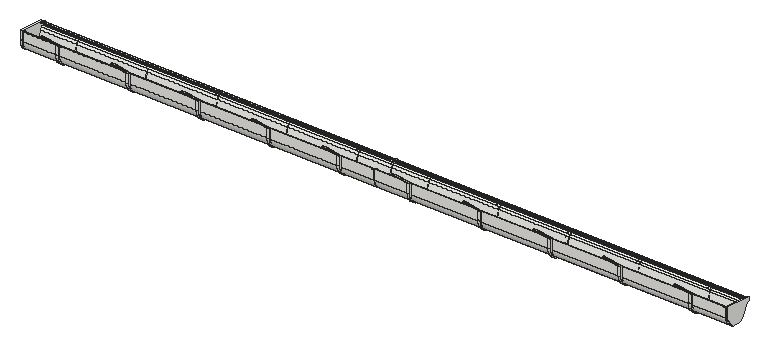
Revit family "NLRS_27_GM_LIB_HR18_MR", category Generic Models, Revit 2017
Family settings
  Can host rebar = No
  Round Connector Dimension = Use Diameter
  Part Type = Normal
  Cut with Voids When Loaded = No
  Shared = No
  Room Calculation Point = No
Parameters (values of type "WIT AC 1382 ≈ RAL 9016")
  start_afstand_beugel [instance] = if([built-in parameter 1001306] < 780 mm, ([built-in parameter 1001306] / 3), 250 mm)  # 250 mm
  set_beugeltype = HR18 - beugel_G : HR18 - beugel_G
  Verstek_Diepte [instance] = 180 mm  # constant formula
  URL = "https://www.meilofriks.nl/"
  Set_Condition_L = Goot_profiel_GM_LIB_L_H_eind : Goot_profiel_GM_LIB_L_H_eind
  Set_Condition_R = Goot_profiel_GM_LIB_R_H_eind : Goot_profiel_GM_LIB_R_H_eind
  NLRS_type_R [instance] = Goot_profiel_GM_LIB_R_H_eind : Goot_profiel_GM_LIB_R_H_eind
  NLRS_type_L [instance] = Goot_profiel_GM_LIB_L_H_eind : Goot_profiel_GM_LIB_L_H_eind
  NLRS_C_materiaal = RAL 9016
  NLRS_C_lengte [instance] = [built-in parameter 1001306] + Lengte_L + Lengte_R  # 5000 mm
  NLRS_C_content_datum_uitgifte = "21-12-2018"  # constant formula
  NLRS_C_content_creator = "KPMS"  # constant formula
  NLRS_C_afstand [instance] = 500 mm
  NLRS_C_aantal [instance] = aantal beugels  # 10
  Model = "HR18"  # constant formula
  Manufacturer = "Meilof Riks"  # constant formula
  Lengte_R [instance] = if(Eind_schot_R, 0 mm, Verstek_Diepte)  # 0 mm
  Lengte_L [instance] = if(Eind_schot_L, 0 mm, Verstek_Diepte)  # 0 mm
  Kleur = "wit (AC1382)"
  IfcExportType = ""
  IfcExportAs = "IfcFlowSegment"
  Graden beugel [instance] = 90.00° - Dakhelling  # 50.00°
  min_hoh_afstand [instance] = if([built-in parameter 1001306] < 780 mm, [built-in parameter 1001306] / 3, 510 mm)  # 510 mm
  aantal beugels [instance] = (([built-in parameter 1001306] - start_afstand_beugel * 2) / min_hoh_afstand) + 1  # 10
  built-in parameter 1001306 [instance] = 5000 mm
  Eind_schot_R [instance] = Set_Condition_L = NLRS_type_L  # yes
  Eind_schot_L [instance] = Set_Condition_R = NLRS_type_R  # yes
  Description = "Beugel goot type HR18"  # constant formula
  Dakhelling [instance] = 40.00°
  Beugel_type [instance] = HR18 - beugel_G : HR18 - beugel_G
  Beugel [instance] = if(Beugel_type = set_beugeltype, "Type HR18, G-beugels", "Type HR18, R-beugels")  # "Type HR18, G-beugels"
  Assembly Code = "27.16"
Types (5, lengths in mm): name | NLRS_C_materiaal | Kleur | IfcExportAs
  RAL 7016 | RAL 7016 | "antraciet (RAL7016)" | "IfcFlowSegment\r\nIfcFlowSegment\r\nIfcFlowSegment"
  RAL 7036 | RAL 7036 | "grijs (RAL7036)" | "IfcFlowSegment"
  RAL 9001 | RAL 9001 | "crème (RAL9001)" | "IfcFlowSegment"
  RAL 9006 | RAL 9006 | "zilver (RAL9006)" | "IfcFlowSegment"
  WIT AC 1382 ≈ RAL 9016 | RAL 9016 | "wit (AC1382)" | "IfcFlowSegment"
Reference planes
  plane 1 "Center (Front/Back)": y = 0
  plane 2: z = 0
  plane 3 "Left": x = 0
  plane 4 "Right": x = 5000
  plane 5: x = 2500
Lines and regions (mm)
  reference lines
    curve 1: line (0, 0, 0) -> (5000, 0, 0)
    curve 2: line (250, -329.639, 0) -> (250, 610.361, 0)
    curve 3: line (4750, 572.987, 0) -> (4750, -387.013, 0)
Dimensions and locks
  "built-in parameter 1001306": plane 3 "Left" to plane 4 "Right"
  equal spacing: plane 3 "Left", plane 5, plane 4 "Right"
  "start_afstand_beugel": plane 3 "Left" to curve 2
  "start_afstand_beugel": curve 3 to plane 4 "Right"
  equal spacing: group 1, group 3, group 4, group 5, group 6, group 7, group 8, group 9, group 10, group 2  (x3)
  "NLRS_C_afstand": curve 2 to nested 6
  aligned and locked: plane 4 "Right" to curve 1
  aligned and locked: plane 1 "Center (Front/Back)" to curve 1
  aligned and locked: plane 3 "Left" to curve 1
  aligned and locked: level to plane 2
  aligned and locked: plane 5 to nested 1
  aligned and locked: plane 4 "Right" to nested 1
  aligned and locked: plane 1 "Center (Front/Back)" to nested 1
  aligned and locked: curve 2 to nested 4
  aligned and locked: nested 5 to curve 3
  aligned and locked: plane 3 "Left" to nested 11
  aligned and locked: plane 5 to nested 11
  aligned and locked: plane 3 "Left" to nested 2
  aligned and locked: plane 4 "Right" to nested 3
Automatic sketch dimensions
  plane 1 "Center (Front/Back)" to curve 2 = 329.639 mm
  plane 1 "Center (Front/Back)" to curve 3 = 387.013 mm
  curve 3 to plane 1 "Center (Front/Back)" = 572.987 mm
  curve 2 to plane 1 "Center (Front/Back)" = 610.361 mm
Nested families
  nested 1: "Goot_profiel_GM_LIB_L_H_eind" at (2500, 0, 0), type <- "NLRS_type_L", type "Goot_profiel_GM_LIB_L_H_eind"
    with built-in parameter 1001306 2500 mm
  nested 2: "HR18 - eindschot" at (-15, -1, 0), visible <- "Eind_schot_L", type "HR18 - eindschot"
  nested 3: "HR18 - eindschot" at (5015, -1, 0) x (-1, 0, 0) z (0, 0, 1), visible <- "Eind_schot_R", type "HR18 - eindschot"
  nested 4: "HR18 - beugel_G" at (250, -6, -5.983), type <- "Beugel_type", type "HR18 - beugel_G"
  nested 5: "HR18 - beugel_G" at (4750, -6, -5.983), type <- "Beugel_type", type "HR18 - beugel_G"
  nested 6: "HR18 - beugel_G" at (750, -6, -5.983), type <- "Beugel_type", type "HR18 - beugel_G"
  nested 7: "HR18 - beugel_G" at (1250, -6, -5.983), type <- "Beugel_type", type "HR18 - beugel_G"
  nested 8: "HR18 - beugel_G" at (1750, -6, -5.983), type <- "Beugel_type", type "HR18 - beugel_G"
  nested 9: "HR18 - beugel_G" at (2250, -6, -5.983), type <- "Beugel_type", type "HR18 - beugel_G"
  nested 10: "HR18 - beugel_G" at (2750, -6, -5.983), type <- "Beugel_type", type "HR18 - beugel_G"
  nested 11: "Goot_profiel_GM_LIB_R_H_eind" at (0, 0, 0), type <- "NLRS_type_R", type "Goot_profiel_GM_LIB_R_H_eind"
    with built-in parameter 1001306 2500 mm
  nested 12: "HR18 - beugel_G" at (3250, -6, -5.983), type <- "Beugel_type", type "HR18 - beugel_G"
  nested 13: "HR18 - beugel_G" at (3750, -6, -5.983), type <- "Beugel_type", type "HR18 - beugel_G"
  nested 14: "HR18 - beugel_G" at (4250, -6, -5.983), type <- "Beugel_type", type "HR18 - beugel_G"
Definition of nested family "Goot_profiel_GM_LIB_L_H_eind"
  Parameters (values of type "Goot_profiel_GM_LIB_L_H_eind")
    diepte_profiel = 180 mm
    Material = none
    built-in parameter 1001306 [instance] = 1200 mm
  Reference planes
    plane 1 "Center (Front/Back)": y = 0
    plane 2: z = 0
    plane 3 "Left": x = 0
    plane 4 "Right": x = 1200
    plane 5: x = 1380
    plane 6: y = 180
  Forms (mm)
    Sweep 1, solid, material <- "Material"
      path origin (0, 0, 0) x (1, 0, 0) y (0, 1, 0)
        loop
          line (0, 0) -> (1380, 0)
      profile "HR 18 profile : HR 18 profile" origin (690, 0, 0) x (0, 1, 0) y (0, 0, 1)
        loop
          arc (0.8, 139.688) -> (2.019, 141.078) -> (3.557, 140.051) r 1.402
          line (3.557, 140.051) -> (4.404, 136.892) -> (5.176, 137.099) -> (4.33, 140.258)
          arc (4.33, 140.258) -> (1.915, 141.871) -> (0, 139.688) r 2.202
          line (0, 139.688) -> (0, 74.722)
          arc (0, 74.722) -> (58.962, 1.932) -> (143.792, 41.667) r 76
          line (143.792, 41.667) -> (155.411, 83.577) -> (163.626, 94.386) -> (175.303, 101.392) -> (178.707, 102.634)
          arc (178.707, 102.634) -> (179.636, 103.348) -> (179.988, 104.466) r 1.95
          line (179.988, 104.466) -> (179.988, 124.132)
          arc (179.988, 124.132) -> (179.415, 125.514) -> (178.033, 126.087) r 1.955
          line (178.033, 126.087) -> (164.024, 126.087)
          arc (164.024, 126.087) -> (162.087, 124.792) -> (162.541, 122.507) r 2.097
          line (162.541, 122.507) -> (167.419, 117.629) -> (167.984, 118.195) -> (163.107, 123.072)
          arc (163.107, 123.072) -> (162.826, 124.486) -> (164.024, 125.287) r 1.297
          line (164.024, 125.287) -> (178.033, 125.287)
          arc (178.033, 125.287) -> (178.85, 124.948) -> (179.188, 124.132) r 1.155
          line (179.188, 124.132) -> (179.188, 104.466)
          arc (179.188, 104.466) -> (178.98, 103.807) -> (178.432, 103.386) r 1.15
          line (178.432, 103.386) -> (174.957, 102.117) -> (163.082, 94.993) -> (154.681, 83.939) -> (143.043, 41.958)
          arc (143.043, 41.958) -> (57.873, 3.015) -> (0.8, 77.271) r 75.2
          line (0.8, 77.271) -> (0.8, 139.688)
    Extrusion 2, void
      sketch origin (0, 0, 0) x (1, 0, 0) y (0, 1, 0)
        loop
          line (1200, 240) -> (1200, -35) -> (1426.694, -35) -> (1426.694, 240) -> (1200, 240)
      from -5 to 250
  Cuts and joins
    Extrusion 2 cuts Sweep 1
  Lines and regions (mm)
    reference lines
      curve 1: line (0, 0, 0) -> (1200, 0, 0)
  Dimensions and locks
    "built-in parameter 1001306": plane 3 "Left" to plane 4 "Right"
    "diepte_profiel": plane 1 "Center (Front/Back)" to plane 6
    "diepte_profiel": plane 4 "Right" to plane 5
    aligned and locked: plane 4 "Right" to curve 1
    aligned and locked: plane 1 "Center (Front/Back)" to curve 1
    aligned and locked: plane 3 "Left" to curve 1
    aligned and locked: level to plane 2
    aligned and locked: plane 5 to Sweep 1 sketch curve
    aligned and locked: plane 3 "Left" to Sweep 1 sketch curve
    aligned and locked: plane 4 "Right" to Extrusion 2 sketch curve
  Automatic sketch dimensions
    plane 5 to Extrusion 2 sketch curve = 46.694 mm
    plane 6 to Extrusion 2 sketch curve = 60 mm
    plane 1 "Center (Front/Back)" to Extrusion 2 sketch curve = 35 mm
    plane 1 "Center (Front/Back)" to Sweep 1 sketch curve = 0 mm
Definition of nested family "HR18 - eindschot"
  Parameters (values of type "HR18 - eindschot")
    Material = none
  Reference planes
    plane 1 "Center (Front/Back)": y = 0
    plane 2: z = 0
    plane 3 "Center (Left/Right)": x = 0
  Forms (mm)
    Extrusion 1, solid, material <- "Material"
      sketch origin (0, 1, 1) x (0, 1, 0) y (0, 0, 1)
        loop
          line (180.988, 127.087) -> (-1, 143.6) -> (-1, 77.286)
          arc (-1, 77.286) -> (57.532, 1.245) -> (144.73, 41.305) r 77
          line (144.73, 41.305) -> (156.323, 83.125) -> (164.305, 93.628) -> (175.736, 100.485) -> (180.988, 102.403) -> (180.988, 127.087)
      from 0 to 15
  Dimensions and locks
    aligned and locked: level to plane 2
Definition of nested family "HR18 - beugel_G"
  Parameters (values of type "HR18 - beugel_G")
    beugel_dikte = 20 mm
    Material = none
    Dakhelling = 40.00°
  Reference planes
    plane 1 "Center (Front/Back)": y = 0
    plane 2: z = 0
    plane 3 "Center (Left/Right)": x = 0
    plane 4: x = -10
    plane 5: x = 10
  Forms (mm)
    Sweep 1, solid, material <- "Material"
      path origin (0, 0, 0) x (1, 0, 0) y (0, 0, 1)
        loop
          line (-10, 0) -> (10, 0)
      profile "HR18 -G beugel profile : HR18 -G beugel profile" origin (0, 0, 0) x (0, 0, 1) y (0, -1, 0)
        loop
          line (149.765, -6) -> (261.234, 126.844) -> (258.982, 133.495) -> (146.967, 0) -> (83.31, 0)
          arc (83.31, 0) -> (2.382, -62.302) -> (44.94, -155.145) r 82
          line (44.94, -155.145) -> (58.072, -160.426) -> (83.4, -168.061) -> (91.173, -171.766) -> (97.846, -177.864) -> (102.511, -185.738) -> (104.848, -192.139) -> (123.895, -193.912) -> (124.451, -187.937) -> (109.183, -186.516) -> (107.956, -183.158) -> (102.553, -174.037) -> (94.726, -166.886) -> (85.156, -162.324) -> (60.061, -154.758) -> (47.424, -149.677)
          arc (47.424, -149.677) -> (8.242, -63.596) -> (83.261, -6) r 76
          line (83.261, -6) -> (149.765, -6)
  Dimensions and locks
    equal spacing: plane 5, plane 3 "Center (Left/Right)", plane 4
    "beugel_dikte": plane 5 to plane 4
    aligned and locked: level to plane 2
    aligned and locked: plane 5 to Sweep 1 sketch curve
    aligned and locked: plane 4 to Sweep 1 sketch curve
  Automatic sketch dimensions
    Sweep 1 sketch curve to level = 0 mm
Definition of nested family "Goot_profiel_GM_LIB_R_H_eind"
  Parameters (values of type "Goot_profiel_GM_LIB_R_H_eind")
    diepte_profiel = 179.988 mm
    Material = none
    built-in parameter 1001306 [instance] = 1200 mm
  Reference planes
    plane 1 "Center (Front/Back)": y = 0
    plane 2: z = 0
    plane 3 "Left": x = 0
    plane 4 "Right": x = 1200
    plane 5: x = -179.988
    plane 6: y = 179.988
  Forms (mm)
    Sweep 1, solid, material <- "Material"
      path origin (0, 0, 0) x (1, 0, 0) y (0, 1, 0)
        loop
          line (-179.988, 0) -> (1200, 0)
      profile "HR 18 profile : HR 18 profile" origin (510.006, 0, 0) x (0, 1, 0) y (0, 0, 1)
        loop
          arc (0.8, 139.688) -> (2.019, 141.078) -> (3.557, 140.051) r 1.402
          line (3.557, 140.051) -> (4.404, 136.892) -> (5.176, 137.099) -> (4.33, 140.258)
          arc (4.33, 140.258) -> (1.915, 141.871) -> (0, 139.688) r 2.202
          line (0, 139.688) -> (0, 74.722)
          arc (0, 74.722) -> (58.962, 1.932) -> (143.792, 41.667) r 76
          line (143.792, 41.667) -> (155.411, 83.577) -> (163.626, 94.386) -> (175.303, 101.392) -> (178.707, 102.634)
          arc (178.707, 102.634) -> (179.636, 103.348) -> (179.988, 104.466) r 1.95
          line (179.988, 104.466) -> (179.988, 124.132)
          arc (179.988, 124.132) -> (179.415, 125.514) -> (178.033, 126.087) r 1.955
          line (178.033, 126.087) -> (164.024, 126.087)
          arc (164.024, 126.087) -> (162.087, 124.792) -> (162.541, 122.507) r 2.097
          line (162.541, 122.507) -> (167.419, 117.629) -> (167.984, 118.195) -> (163.107, 123.072)
          arc (163.107, 123.072) -> (162.826, 124.486) -> (164.024, 125.287) r 1.297
          line (164.024, 125.287) -> (178.033, 125.287)
          arc (178.033, 125.287) -> (178.85, 124.948) -> (179.188, 124.132) r 1.155
          line (179.188, 124.132) -> (179.188, 104.466)
          arc (179.188, 104.466) -> (178.98, 103.807) -> (178.432, 103.386) r 1.15
          line (178.432, 103.386) -> (174.957, 102.117) -> (163.082, 94.993) -> (154.681, 83.939) -> (143.043, 41.958)
          arc (143.043, 41.958) -> (57.873, 3.015) -> (0.8, 77.271) r 75.2
          line (0.8, 77.271) -> (0.8, 139.688)
    Extrusion 2, void
      sketch origin (0, 0, 0) x (1, 0, 0) y (0, 1, 0)
        loop
          line (-279.364, 195) -> (-279.364, -15) -> (0, -15) -> (0, 195) -> (-279.364, 195)
      from -5 to 250
  Cuts and joins
    Extrusion 2 cuts Sweep 1
  Lines and regions (mm)
    reference lines
      curve 1: line (0, 0, 0) -> (1200, 0, 0)
  Dimensions and locks
    "built-in parameter 1001306": plane 3 "Left" to plane 4 "Right"
    "diepte_profiel": plane 6 to plane 1 "Center (Front/Back)"
    "diepte_profiel": plane 5 to plane 3 "Left"
    "diepte_profiel": plane 1 "Center (Front/Back)" to plane 6
    aligned and locked: plane 4 "Right" to curve 1
    aligned and locked: plane 1 "Center (Front/Back)" to curve 1
    aligned and locked: plane 3 "Left" to curve 1
    aligned and locked: level to plane 2
    aligned and locked: plane 4 "Right" to Sweep 1 sketch curve
    aligned and locked: plane 5 to Sweep 1 sketch curve
    aligned and locked: plane 6 to Sweep 1
    aligned and locked: Extrusion 2 sketch curve to plane 3 "Left"
  Automatic sketch dimensions
    Extrusion 2 sketch curve to plane 6 = 15.012 mm
    plane 5 to Extrusion 2 sketch curve = 99.376 mm
    plane 1 "Center (Front/Back)" to Extrusion 2 sketch curve = 15 mm
    plane 1 "Center (Front/Back)" to Sweep 1 sketch curve = 0 mm
